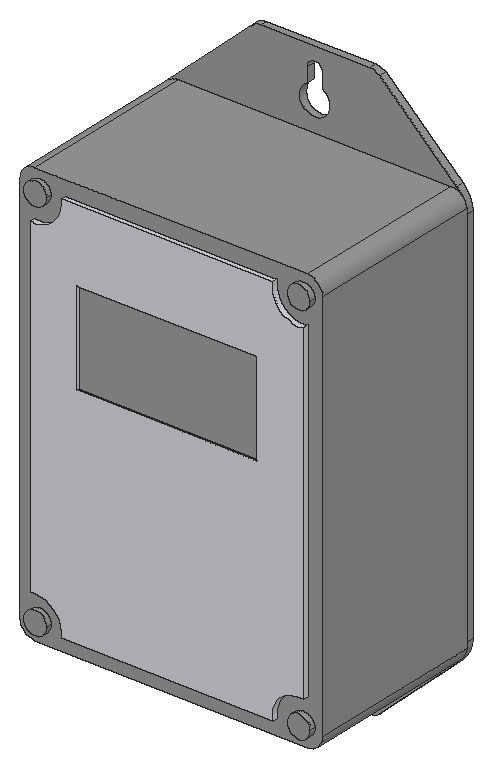
Revit family "Enerflow II", category Mechanical Equipment, Revit 2015
Parameters
  URL = "https://unitedenertech.com/catalog/pdf/O_3%20ENERFLOW%20II.pdf"
  Model = "Enerflow II"
  Manufacturer = "United Enertech Corporation"
  Description = "Differential Pressure and Airflow Signal Processor with Controller"
Reference planes (in)
  plane 1 "Center (Front/Back)": y = 0
  plane 2: z = 0
  plane 3 "Center (Left/Right)": x = 0
  plane 4: z = -4.78
  plane 5: z = 4.78
  plane 6: x = -2.5
  plane 7: x = 2.5
  plane 8: y = -3.18
  plane 9: y = -1.59
Forms (in)
  Extrusion 1, solid, material "Stainless Steel, Polished"
    sketch origin (-29.4843, 0, -1.37328) x (1, 0, 0) y (0, 0, 1)
      loop
        line (26.9843, 4.62328) -> (26.9843, -1.87672)
        arc (26.9843, -1.87672) -> (27.05752, -2.0535) -> (27.2343, -2.12672) r 0.25
        line (27.2343, -2.12672) -> (31.7343, -2.12672)
        arc (31.7343, -2.12672) -> (31.91108, -2.0535) -> (31.9843, -1.87672) r 0.25
        line (31.9843, -1.87672) -> (31.9843, 4.62328)
        arc (31.9843, 4.62328) -> (31.91108, 4.80005) -> (31.7343, 4.87328) r 0.25
        line (31.7343, 4.87328) -> (27.2343, 4.87328)
        arc (27.2343, 4.87328) -> (27.05752, 4.80005) -> (26.9843, 4.62328) r 0.25
    from 0.125 to 3.09
  Extrusion 2, solid, material "Stainless Steel, Polished"
    sketch origin (-11.7343, 0, 0) x (1, 0, 0) y (0, 0, 1)
      loop
        circle (9.55752, 3.17678) r 0.1875
    from 3.09 to 3.18
  Extrusion 3, solid, material "Stainless Steel, Polished"
    sketch origin (-11.7343, 0, 0) x (1, 0, 0) y (0, 0, 1)
      loop
        circle (9.55752, -3.17678) r 0.1875
    from 3.09 to 3.18
  Extrusion 4, solid, material "Stainless Steel, Polished"
    sketch origin (11.7343, 0, 0) x (-1, 0, 0) y (0, 0, -1)
      loop
        circle (9.55752, -3.17678) r 0.1875
    from 3.09 to 3.18
  Extrusion 5, solid, material "Stainless Steel, Polished"
    sketch origin (11.7343, 0, 0) x (-1, 0, 0) y (0, 0, -1)
      loop
        circle (9.55752, 3.17678) r 0.1875
    from 3.09 to 3.18
  Extrusion 6, solid
    sketch origin (-11.7343, 0, 0) x (1, 0, 0) y (0, 0, 1)
      loop
        line (9.4843, 2.74545) -> (9.4843, -2.74545)
        arc (9.4843, -2.74545) -> (9.86688, -2.86742) -> (9.98885, -3.25) r 0.4375
        line (9.98885, -3.25) -> (13.47975, -3.25)
        arc (13.47975, -3.25) -> (13.60172, -2.86742) -> (13.9843, -2.74545) r 0.4375
        line (13.9843, -2.74545) -> (13.9843, 2.74545)
        arc (13.9843, 2.74545) -> (13.60172, 2.86742) -> (13.47975, 3.25) r 0.4375
        line (13.47975, 3.25) -> (9.98885, 3.25)
        arc (9.98885, 3.25) -> (9.86688, 2.86742) -> (9.4843, 2.74545) r 0.4375
    from 3.09 to 3.18
  Extrusion 7, void
    sketch origin (-11.7343, 0, 0) x (1, 0, 0) y (0, 0, 1)
      loop
        line (10.25, 2.06026) -> (10.25, 0.51432) -> (13.2186, 0.51432) -> (13.2186, 2.06026) -> (10.25, 2.06026)
    from 3.0275 to 3.18
  Extrusion 8, solid, material "Acrylic"
    sketch origin (-11.7343, 0, 0) x (1, 0, 0) y (0, 0, 1)
      loop
        line (10.25, 0.51432) -> (13.2186, 0.51432) -> (13.2186, 2.06026) -> (10.25, 2.06026) -> (10.25, 0.51432)
    from 3.0275 to 3.15135
  Extrusion 9, solid, material "Stainless Steel, Polished"
    sketch origin (0, 0, 0) x (1, 0, 0) y (0, 0, 1)
      loop
        arc (-2.5, -3.16382) -> (-2.45853, -3.3632) -> (-2.341, -3.5295) r 0.5
        line (-2.341, -3.5295) -> (-1.06742, -4.71713)
        arc (-1.06742, -4.71713) -> (-0.99029, -4.76376) -> (-0.90164, -4.78) r 0.25
        line (-0.90164, -4.78) -> (0.90164, -4.78)
        arc (0.90164, -4.78) -> (0.99029, -4.76376) -> (1.06742, -4.71713) r 0.25
        line (1.06742, -4.71713) -> (2.341, -3.5295)
        arc (2.341, -3.5295) -> (2.45853, -3.3632) -> (2.5, -3.16382) r 0.5
        line (2.5, -3.16382) -> (2.5, 3.16382)
        arc (2.5, 3.16382) -> (2.45853, 3.3632) -> (2.341, 3.5295) r 0.5
        line (2.341, 3.5295) -> (1.06742, 4.71713)
        arc (1.06742, 4.71713) -> (0.99029, 4.76376) -> (0.90164, 4.78) r 0.25
        line (0.90164, 4.78) -> (-0.90164, 4.78)
        arc (-0.90164, 4.78) -> (-0.99029, 4.76376) -> (-1.06742, 4.71713) r 0.25
        line (-1.06742, 4.71713) -> (-2.341, 3.5295)
        arc (-2.341, 3.5295) -> (-2.45853, 3.3632) -> (-2.5, 3.16382) r 0.5
        line (-2.5, 3.16382) -> (-2.5, -3.16382)
    from 0 to 0.125
  Extrusion 10, void
    sketch origin (0, 0, 0) x (1, 0, 0) y (0, 0, 1)
      loop
        arc (-0.125, 4.19471) -> (0, 3.7282) -> (0.125, 4.19471) r 0.25
        line (0.125, 4.19471) -> (0.125, 4.44402)
        arc (0.125, 4.44402) -> (0, 4.56902) -> (-0.125, 4.44402) r 0.125
        line (-0.125, 4.44402) -> (-0.125, 4.19471)
    from 0 to 0.125
  Extrusion 11, void
    sketch origin (0, 0, -8.25) x (1, 0, 0) y (0, 0, 1)
      loop
        arc (-0.125, 4.19471) -> (0, 3.7282) -> (0.125, 4.19471) r 0.25
        line (0.125, 4.19471) -> (0.125, 4.44402)
        arc (0.125, 4.44402) -> (0, 4.56902) -> (-0.125, 4.44402) r 0.125
        line (-0.125, 4.44402) -> (-0.125, 4.19471)
    from 0 to 0.125
Cuts and joins
  Extrusion 7 cuts Extrusion 1
  Extrusion 7 cuts Extrusion 6
  Extrusion 10, Extrusion 11 cuts Extrusion 9
Dimensions and locks (in)
  plane 6 to plane 7 = 0' - 5"
  plane 1 "Center (Front/Back)" to plane 8 = 0' - 3.18"
  cut or joined group of Extrusion 1, Extrusion 7 to cut or joined group of Extrusion 1, Extrusion 7 = 0' - 7"
  aligned and locked: level to plane 2
